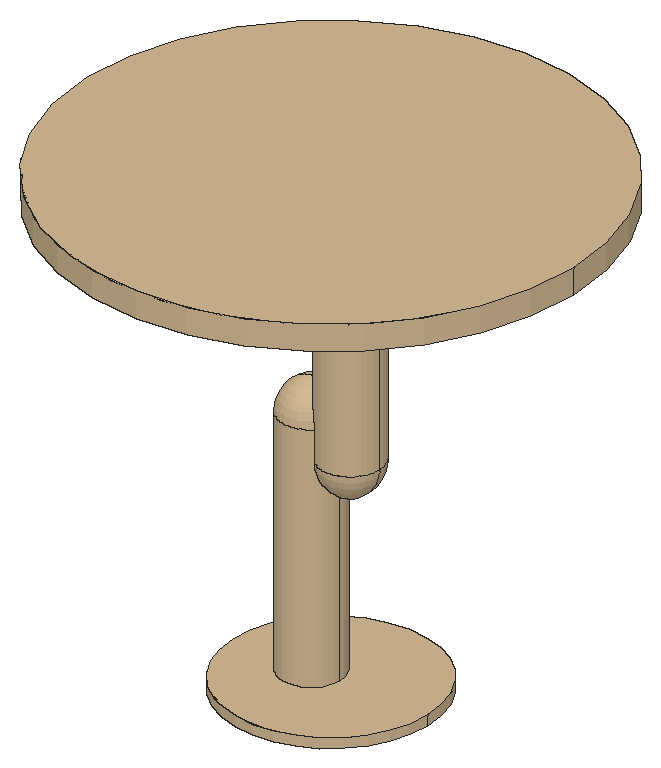
Revit family "MESA BISTRO PARA SER FELIZ D100", category Mobiliário, Revit 2024
Family settings
  Com base no plano de trabalho = Não
  Ativar corte nas vistas = Não
  Sempre na vertical = Sim
  Corte com vazios quando carregada = Não
  Origem da aparência de renderização = Geometria da família
  Compartilhado = Não
  Ponto de cálculo do ambiente = Não
Parameters
  Elevação padrão = 0.0 cm
Reference planes (cm)
  plane 1 "Centro (Frente/Trás)": y = 0
  plane 2: z = 0
  plane 3 "Centro (Esquerda/Direita)": x = 0
  plane 4: x = -160
  plane 5: x = 160
  plane 6: y = -160
  plane 7: y = 160
Forms (cm)
  Extrusion 1, solid, material "MADEIRA NATURAL"
    sketch origin (0, 0, 0) x (1, 0, 0) y (0, 1, 0)
      loop
        circle (0, 0) r 20
    from 0 to 2
  Revolve 2, solid, material "MADEIRA NATURAL"
    sketch origin (2, 0, -5) x (1, 0, 0) y (0, 0, 1)
      loop
        line (8, 97) -> (2, 97) -> (2, 41.7947)
        arc (2, 41.7947) -> (6.2866, 44.0748) -> (8, 48.6177) r 6.8794
        line (8, 48.6177) -> (8, 97)
      axis (2, 97) -> (2, 41.7947)
    angle from 0 to 360
  Revolve 3, solid, material "MADEIRA NATURAL"
    sketch origin (-6.0551, 0, 98.0443) x (1, 0, 0) y (0, 0, 1)
      loop
        line (8, -96.0443) -> (8, -48.6177)
        arc (8, -48.6177) -> (6.2866, -44.0748) -> (2, -41.7947) r 6.8794
        line (2, -41.7947) -> (2, -96.0443) -> (8, -96.0443)
      axis (2, -96.0443) -> (2, -41.7947)
    angle from 0 to 360
  Extrusion 4, solid, material "MADEIRA NATURAL"
    sketch origin (0, 0, 0) x (1, 0, 0) y (0, 1, 0)
      loop
        circle (0, 0) r 50
    from 90 to 95
Dimensions and locks (cm)
  equal spacing: plane 6, plane 1 "Centro (Frente/Trás)", plane 7
  equal spacing: plane 4, plane 3 "Centro (Esquerda/Direita)", plane 5
  aligned and locked: level to plane 2
Automatic sketch dimensions
  plane 1 "Centro (Frente/Trás)" to Extrusion 1 sketch curve = 0.0 cm
  Extrusion 1 sketch curve to plane 3 "Centro (Esquerda/Direita)" = 0.0 cm
  plane 3 "Centro (Esquerda/Direita)" to Revolve 2 sketch curve = 3.1206 cm
  plane 3 "Centro (Esquerda/Direita)" to Revolve 2 sketch curve = 4.0 cm
  Revolve 2 sketch curve to Revolve 2 sketch curve = 6.0 cm
  level to Revolve 2 sketch curve = 36.7947 cm
  Revolve 2 sketch curve to Revolve 2 sketch curve = 48.3823 cm
  Revolve 2 sketch curve to Revolve 2 sketch curve = 0.0 cm
  Revolve 2 sketch curve to Revolve 2 sketch curve = 0.2053 cm
  Revolve 2 sketch curve to Revolve 2 sketch curve = 5.0 cm
  Revolve 3 sketch curve to plane 3 "Centro (Esquerda/Direita)" = 4.9345 cm
  level to Revolve 3 sketch curve = 2.0 cm
  Revolve 3 sketch curve to plane 3 "Centro (Esquerda/Direita)" = 4.0551 cm
  plane 3 "Centro (Esquerda/Direita)" to Revolve 3 sketch curve = 1.9449 cm
  Revolve 3 sketch curve to Revolve 3 sketch curve = 47.4266 cm
  Revolve 3 sketch curve to Revolve 3 sketch curve = 0.0 cm
  Revolve 3 sketch curve to Revolve 3 sketch curve = 4.0443 cm
  Revolve 3 sketch curve to Revolve 3 sketch curve = 0.2053 cm
  plane 1 "Centro (Frente/Trás)" to Extrusion 4 sketch curve = 0.0 cm
  Extrusion 4 sketch curve to plane 3 "Centro (Esquerda/Direita)" = 0.0 cm
  radius of Extrusion 1 sketch curve = 20.0 cm
  radius of Extrusion 4 sketch curve = 50.0 cm
